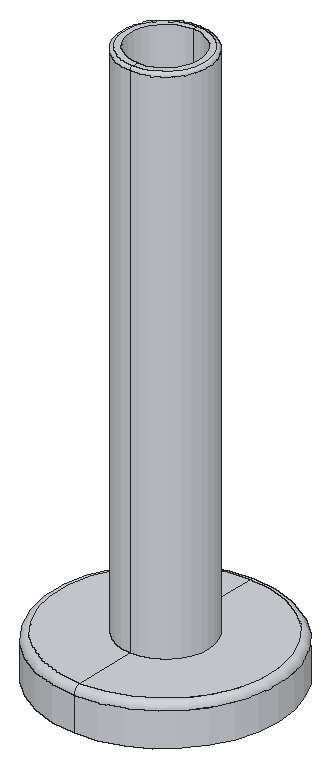
Revit family "Shower-Ceiling_Mount-Shower_Arm-KOHLER-K-26320_1", category Plumbing Fixtures, host Face, Revit 2017
Family settings
  Host = Face
  Round Connector Dimension = Use Diameter
  Part Type = Normal
  OmniClass Number = 23.31.17.00
  OmniClass Title = Showers
  Cut with Voids When Loaded = No
  Shared = No
  Room Calculation Point = No
Parameters (values of type "CP-Polished Chrome")
  Width = 2 3/16"  # constant formula
  WaterSense Certified = 1 = 0  # no
  Waste Water Outlet = "Waste Water Outlet"  # constant formula
  Waste Connection = 1 = 0  # no
  Vent Connection = 1 = 0  # no
  URL = "https://www.us.kohler.com/us/"
  Type = 1
  Product Page URL = "http://www.us.kohler.com/us/catalog/productDetails.jsp?productId=26320"
  Product Name = ""
  Product Documentation Link = "https://www.us.kohler.com/webassets/kpna/catalog/pdf/en/K-26320_spec.pdf"
  Pressure = 0.00 psi
  Model = if(Type = 1, "K-26320-CP", if(Type = 2, "K-26320-BN", if(Type = 3, "K-26320-BL", if(Type = 4, "K-26320-2MB", "NA"))))  # "K-26320-CP"
  Material = "Brass Construction"  # constant formula
  Master Format 2014 Name = "Residential Showers"  # constant formula
  Master Format 2014 = "22 42 23"  # constant formula
  Manufacturer Address = "444 Highland Dr, Kohler, WI 53044"  # constant formula
  Manufacturer = "KOHLER Co."  # constant formula
  Length = 2 3/16"  # constant formula
  Hot Water Inlet = "Tempered Water Inlet"  # constant formula
  Height = 5 7/16"  # constant formula
  HW Connection = 1 = 1  # yes
  Flow Rate = 0 GPM
  Finish = Kohler-Metal-CP-Polished_Chrome
  Environmental Product Declaration = ""
  Drain Included = 1 = 0  # no
  Description = "Ceiling Mount Arm Short-6"  # constant formula
  Default Elevation = 0"
  Declare Label = ""
  Date Modified = "01/22/2021"  # constant formula
  Date Created = "01/22/2021"  # constant formula
  Copyright = "Copyright KOHLER Co."  # constant formula
  Contact Us = "https://www.us.kohler.com/us/static/contact.jsp"
  Cold Water Inlet = "Cold Water Inlet"  # constant formula
  CW Connection = 1 = 0  # no
  Assembly Code = "D2010700"
  ADA Compliant = 1 = 0  # no
Types (5): name | Type | Model | Finish
  (no name) | 1 | "K-26320-CP" | Kohler-Metal-CP-Polished_Chrome
  CP-Polished Chrome | 1 | "K-26320-CP" | Kohler-Metal-CP-Polished_Chrome
  BN-Vibrant Brushed Nickel | 2 | "K-26320-BN" | Kohler-Metal-BN-Vibrant_Brushed_Nickel
  BL-Matte Black | 3 | "K-26320-BL" | Kohler-Metal-BL-Matte_Black
  2MB-Vibrant Brushed Moderne Brass | 4 | "K-26320-2MB" | Kohler-Metal-2MB-Vibrant_Brushed_Moderne_Brass
Reference planes (in)
  plane 1 "Center (Front/Back)": y = 0
  plane 2: z = 0
  plane 3 "Center (Left/Right)": x = 0
  plane 4: x = -1.09375
  plane 5: x = -0.42034
  plane 6: x = 1.09375
  plane 7: x = 0.42034
  plane 8: y = 1.09375
  plane 9: y = 0.42034
  plane 10: y = -1.09375
  plane 11: y = -0.42034
  plane 12: z = 5.4375
  plane 13: z = 0.39348
Dimensions and locks (in)
  "Width": plane 4 to plane 6
  "Length": plane 8 to plane 10
  "Height": plane 12 to level
  aligned and locked: plane 2 to host face
  aligned and locked: level to host face
  aligned and locked: plane 3 "Center (Left/Right)" to nested 1
  aligned and locked: plane 1 "Center (Front/Back)" to nested 1
Automatic sketch dimensions
  host sketch curve to host sketch curve = 96"  (x2)
Nested families (in)
  nested 1: "K-26320" at (0, 0, 0), type "K-26320"
Connectors (in)
  piping at (0, 0, 0), diameter 0.5, driven by "Flow Rate", driven by "HW Connection", driven by "Hot Water Inlet"
    settings: on nested 1, index 1, connector inside diameter 24", connector length 0", flow factor 0, pipe flow 0 GPM, pressure drop 0.00 psi, fitting loss kfactor 0, connector angle 0.00°, fixture units 0, engagement length 0", angle of deflection 0.00°, flow configuration 0, flow direction 1, fitting loss method 0, system type 19, joint type 0, gender type 0, connector reference index -1, connector utility 1, adjustable connector no, is connector primary yes, connector description "Tempered Water Inlet"
Definition of nested family "K-26320"
  Parameters (values of type "K-26320")
    Material = none
  Reference planes (in)
    plane 1 "Center (Front/Back)": y = 0
    plane 2: z = 0
    plane 3 "Center (Left/Right)": x = 0
    plane 4: x = -1.09375
    plane 5: x = 1.09375
    plane 6: y = 1.09375
    plane 7: y = -1.09375
    plane 8: y = 0.42034
    plane 9: y = -0.42034
    plane 10: x = 0.42034
    plane 11: x = -0.42034
    plane 12: z = 5.4375
    plane 13: z = 0.39348
  Forms (in)
    Revolve 1, solid, material <- "Material", detail levels medium+fine
      sketch origin (0, 0, 0) x (0, 1, 0) y (0, 0, 1)
        loop
          arc (1.09375, 0.32354) -> (1.07326, 0.37299) -> (1.02381, 0.39348) r 0.06994
          line (1.02381, 0.39348) -> (0.42034, 0.39348) -> (0.42034, 5.40676)
          arc (0.42034, 5.40676) -> (0.41133, 5.4285) -> (0.3896, 5.4375) r 0.03074
          line (0.3896, 5.4375) -> (0.33384, 5.4375) -> (0.33384, 4.90118) -> (0, 4.90118) -> (0, 0.09819) -> (0.17657, 0.09819)
          arc (0.17657, 0.09819) -> (0.21073, 0.08404) -> (0.22488, 0.04988) r 0.04831
          line (0.22488, 0.04988) -> (0.22488, 0) -> (0.42034, 0) -> (0.42034, 0.24313)
          arc (0.42034, 0.24313) -> (0.43735, 0.28421) -> (0.47843, 0.30122) r 0.0581
          line (0.47843, 0.30122) -> (0.98227, 0.30122)
          arc (0.98227, 0.30122) -> (1.00523, 0.29171) -> (1.01475, 0.26875) r 0.03247
          line (1.01475, 0.26875) -> (1.01475, 0) -> (1.09375, 0) -> (1.09375, 0.32354)
        axis (0, 5.4375) -> (0, 0)
      angle from 0 to 360
    Extrusion 2, void
      sketch origin (0, 0, 0) x (1, 0, 0) y (0, 0, 1)
        loop
          circle (0, 0.16665) r 0.08435
      from -0.82998 to -1.44054
    Revolve 3, solid, material <- "Material", detail levels coarse
      sketch origin (0, 0, 0) x (0, 1, 0) y (0, 0, 1)
        loop
          line (0.42034, 5.4375) -> (0, 5.4375) -> (0, 0) -> (1.09375, 0) -> (1.09375, 0.39348) -> (0.42034, 0.39348) -> (0.42034, 5.4375)
        axis (0, 5.4375) -> (0, 0)
      angle from 0 to 360
  Cuts and joins
    Extrusion 2 cuts Revolve 1
  Lines and regions (in)
    Masking region 1
      outline origin (0, 0, 0) x (0, 1, 0) y (0, 0, 1)
        loop
          line (1.09375, 0) -> (1.09375, 0.32495)
          arc (1.09375, 0.32495) -> (1.07368, 0.37341) -> (1.02522, 0.39348) r 0.06853
          line (1.02522, 0.39348) -> (0.42034, 0.39348) -> (0.42034, 5.40804)
          arc (0.42034, 5.40804) -> (0.41171, 5.42887) -> (0.39088, 5.4375) r 0.02946
          line (0.39088, 5.4375) -> (-0.39088, 5.4375)
          arc (-0.39088, 5.4375) -> (-0.41171, 5.42887) -> (-0.42034, 5.40804) r 0.02946
          line (-0.42034, 5.40804) -> (-0.42034, 0.39348) -> (-1.02522, 0.39348)
          arc (-1.02522, 0.39348) -> (-1.07368, 0.37341) -> (-1.09375, 0.32495) r 0.06853
          line (-1.09375, 0.32495) -> (-1.09375, 0) -> (1.09375, 0)
    Masking region 2
      outline origin (0, 0, 0) x (1, 0, 0) y (0, 0, 1)
        loop
          line (-1.09375, 0) -> (1.09375, 0) -> (1.09375, 0.32495)
          arc (1.09375, 0.32495) -> (1.07368, 0.37341) -> (1.02522, 0.39348) r 0.06853
          line (1.02522, 0.39348) -> (0.42034, 0.39348) -> (0.42034, 5.40804)
          arc (0.42034, 5.40804) -> (0.41171, 5.42887) -> (0.39088, 5.4375) r 0.02946
          line (0.39088, 5.4375) -> (-0.39088, 5.4375)
          arc (-0.39088, 5.4375) -> (-0.41171, 5.42887) -> (-0.42034, 5.40804) r 0.02946
          line (-0.42034, 5.40804) -> (-0.42034, 0.39348) -> (-1.02522, 0.39348)
          arc (-1.02522, 0.39348) -> (-1.07368, 0.37341) -> (-1.09375, 0.32495) r 0.06853
          line (-1.09375, 0.32495) -> (-1.09375, 0)
    Masking region 3
      outline origin (0, 0, 0) x (1, 0, 0) y (0, 1, 0)
        loop
          arc (0, 1.09375) -> (-0.7734, 0.7734) -> (-1.09375, 0) r 1.09375
          arc (-1.09375, 0) -> (-0.7734, -0.7734) -> (0, -1.09375) r 1.09375
          arc (0, -1.09375) -> (0.7734, -0.7734) -> (1.09375, 0) r 1.09375
          arc (1.09375, 0) -> (0.7734, 0.7734) -> (0, 1.09375) r 1.09375
    symbolic lines, detail levels medium+fine
      curve 1: line (0, 1.09375, 0.32495) -> (0, -1.09375, 0.32495)
      curve 2: line (0, 0.42034, 0.39348) -> (0, -0.42034, 0.39348)
      curve 3: line (0, 0.42034, 5.40804) -> (0, -0.42034, 5.40804)
      curve 4: line (0, 0.42034, 5.34945) -> (0, -0.42034, 5.34945)
      curve 5: line (0, 0.42034, 5.29085) -> (0, -0.42034, 5.29085)
      curve 6: line (0, 0.42034, 5.23226) -> (0, -0.42034, 5.23226)
      curve 7: line (0, 0.42034, 5.17367) -> (0, -0.42034, 5.17367)
      curve 8: line (0, 0.42034, 5.11507) -> (0, -0.42034, 5.11507)
      curve 9: line (0, 0.42034, 5.05648) -> (0, -0.42034, 5.05648)
      curve 10: line (0, 0.42034, 4.99788) -> (0, -0.42034, 4.99788)
      curve 11: line (0, 0.42034, 4.93929) -> (0, -0.42034, 4.93929)
      curve 12: line (-0.42034, 0, 0.39348) -> (0.42034, 0, 0.39348)
      curve 13: line (-1.09375, 0, 0.32495) -> (1.09375, 0, 0.32495)
      curve 14: line (-0.42034, 0, 5.40804) -> (0.42034, 0, 5.40804)
      curve 15: line (-0.42034, 0, 5.34945) -> (0.42034, 0, 5.34945)
      curve 16: line (-0.42034, 0, 5.29085) -> (0.42034, 0, 5.29085)
      curve 17: line (-0.42034, 0, 5.23226) -> (0.42034, 0, 5.23226)
      curve 18: line (-0.42034, 0, 5.17367) -> (0.42034, 0, 5.17367)
      curve 19: line (-0.42034, 0, 5.11507) -> (0.42034, 0, 5.11507)
      curve 20: line (-0.42034, 0, 5.05648) -> (0.42034, 0, 5.05648)
      curve 21: line (-0.42034, 0, 4.99788) -> (0.42034, 0, 4.99788)
      curve 22: line (-0.42034, 0, 4.93929) -> (0.42034, 0, 4.93929)
      curve 23: circle (0, 0, 0) r 1.04575 normal (0, 0, 1)
      curve 24: arc (0, 0.42034, 0) -> (-0.42034, 0, 0) -> (0, -0.42034, 0) r 0.42034
      curve 25: arc (0, -0.42034, 0) -> (0.42034, 0, 0) -> (0, 0.42034, 0) r 0.42034
      curve 26: arc (0, 0.33384, 0) -> (-0.33384, 0, 0) -> (0, -0.33384, 0) r 0.33384
      curve 27: arc (0, -0.33384, 0) -> (0.33384, 0, 0) -> (0, 0.33384, 0) r 0.33384
  Dimensions and locks (in)
    plane 12 to level = 5 7/16"
    locked: plane 4 to plane 5 at 2.1875
    locked: plane 7 to plane 6 at 2.1875
    aligned and locked: plane 2 to level
